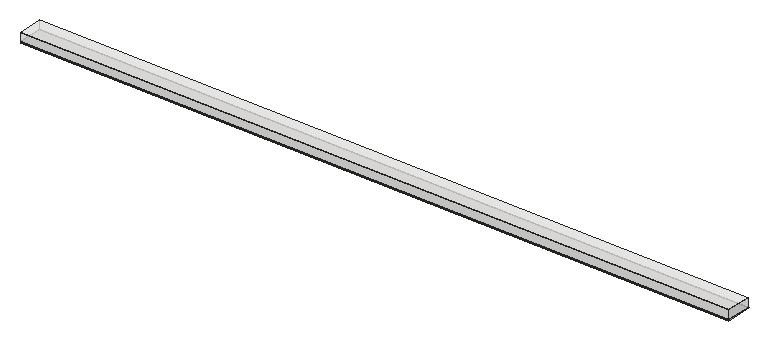
Revit family "Lighting - Luminii - LineLED - LLS36-WET - Array", category Lighting Fixtures, host Face, Revit 2020
Family settings
  Host = Face
  Round Connector Dimension = Use Diameter
  Part Type = Normal
  OmniClass Number = 23.80.70.11.14.21
  OmniClass Title = Spots and Tracklight Specialties
  Cut with Voids When Loaded = No
  Light Source = No
  Shared = Yes
  Room Calculation Point = No
Parameters (values of type "LineLED S36-WET")
  Width = 27/64"  # constant formula
  Wattage Comments = "2.9 W/ft"  # constant formula
  Warranty URL = "https://www.luminii.com/terms-conditions/"
  Voltage Comments = " 24 VDC"  # constant formula
  Voltage = 24 V  # constant formula
  Version = "2020 - v1.0a"  # constant formula
  URL = "https://www.luminii.com/"
  Support Phone = "224-699-9545"  # constant formula
  Support Email = "mailto:support@bimsmith.com"
  Product Page URL = "https://www.luminii.com/product/lineled-s36-wet-tube/"
  Product Name = "LineLED S36-WET"  # constant formula
  Product Documentation Link = "https://www.luminii.com/wp-content/uploads/z_special_catalog_products/products/lineled-s36-wet-tube/specsheets/LLS36-WET-Spec.pdf"
  Power Source Type = "Driver"  # constant formula
  Power Factor = 1
  Phase = 1
  Operating Temperature = "Consult Manufacturer Website for more Information"  # constant formula
  Number of Poles = if(and(or(Voltage = 120 V, Voltage = 277 V), Phase = 1), 1, if(and(or(Voltage = 208 V, Voltage = 240 V), Phase = 1), 2, if(and(or(Voltage = 208 V, Voltage = 240 V), Phase = 3), 3, if(and(Voltage > 300 V, Phase = 1), 2, if(and(Voltage > 400 V, Phase = 3), 3, 1)))))  # 1
  Mounting Method = "Surface Mount"  # constant formula
  Model = "LLS36-WET"
  Manufacturer Phone Number = "224-333-6033"  # constant formula
  Manufacturer Email = "mailto:info@luminii.com"
  Manufacturer Address = "7777 N Merrimac Ave, Niles, IL 60714"  # constant formula
  Manufacturer = "Luminii"  # constant formula
  Lumen Output = "142 lm/ft"  # constant formula
  Load Classification = Lighting
  Lens Material = Plastic - Luminii - Frosted Lens
  Length Comments [instance] = "Perfomance based on 1\" Photometric Web File, consult Manufacturer for custom sizes"  # constant formula
  Length [instance] = if(Desired Length < 12", 12", if(Desired Length > 192", 192", (round(Desired Length / 12")) * 12"))  # 12"
  Lamp Life = 1
  Lamp = "LED"  # constant formula
  Keynote = "26 50 00"
  Instruction Sheet Link = "https://www.luminii.com/wp-content/uploads/z_special_catalog_products/products/lineled-s36-wet-tube/install-guides/LLS36-Wet-Installation-Instruction.pdf"
  Initial Color Comments = "Perfomance based on 3000K Photometric Web File"  # constant formula
  Housing Protection Rating = "IP65 | IP67 | IP68"  # constant formula
  Has Dimming = 1 = 1  # yes
  Has Battery Backup = 0 = 1  # no
  Frequency Comments = ""  # constant formula
  Frequency = 60 Hz
  Finish = Metal - Luminii - Silver Anodized Aluminum
  Environment = "Indoor"  # constant formula
  Desired Length [instance] = 12"
  Description = "Linear LED strip - 24 VDC"  # constant formula
  Depth = 41/256"  # constant formula
  Default Elevation = 0"  # constant formula
  Current Amps = 50 A
  Copyright = "©2023 Luminii"  # constant formula
  built-in parameter 1114216 [instance] = 0  # (empty or 0)
  built-in parameter 1140040 [instance] = 1 = 1  # 1
  CCT = "3000K"
  C LED Number [instance] = Length / 1"  # 12
  Assembly Code = "D5020230"
  Apparent Load = 5 VA
Reference planes (in)
  plane 1 "Center (Front/Back)": y = 0
  plane 2: z = 0
  plane 3 "Center (Left/Right)": x = 0
  plane 4: x = -6
  plane 5: x = 6
  plane 6: y = 0.21094
  plane 7: y = -0.21094
  plane 8: z = 0.16016
  plane 9: z = 0.01
Forms (in)
  Extrusion 1, solid, material "Metal - Luminii - Silver Anodized Aluminum", not visible
    sketch origin (0, 0, 0) x (1, 0, 0) y (0, 1, 0)
      loop
        circle (0, 0) r 0.5
    from 0 to -0.17225
  Extrusion 2, solid, material "Metal - Luminii - Silver Anodized Aluminum" <- "Finish"
    sketch origin (0, 0, 0) x (1, 0, 0) y (0, 1, 0)
      loop
        line (-6, 0.21094) -> (-6, -0.21094) -> (6, -0.21094) -> (6, 0.21094) -> (-6, 0.21094)
    from 0 to 0.01
  Extrusion 3, solid, material "Plastic - Luminii - Frosted Lens" <- "Lens Material"
    sketch origin (0, 0, 0) x (1, 0, 0) y (0, 1, 0)
      loop
        line (-6, 0.21094) -> (-6, -0.21094) -> (6, -0.21094) -> (6, 0.21094) -> (-6, 0.21094)
    from 0.16016 to 0.01
Dimensions and locks (in)
  equal spacing: plane 4, plane 3 "Center (Left/Right)", plane 5
  equal spacing: plane 6, plane 1 "Center (Front/Back)", plane 7
  "Length": plane 4 to plane 5
  "Width": plane 6 to plane 7
  "Depth": plane 8 to plane 2
  equal spacing: group 1, group 3, group 4, group 5, group 6, group 7, group 8, group 9, group 10, group 11, group 12, group 2  (x3)
  aligned and locked: plane 2 to host face
  aligned and locked: plane 3 "Center (Left/Right)" to Extrusion 1 sketch curve
  aligned and locked: plane 1 "Center (Front/Back)" to Extrusion 1 sketch curve
  aligned and locked: plane 2 to Extrusion 1  (x2)
  aligned and locked: Extrusion 2 sketch curve to plane 6
  aligned and locked: plane 4 to Extrusion 2 sketch curve
  aligned and locked: plane 7 to Extrusion 2 sketch curve
  aligned and locked: Extrusion 2 sketch curve to plane 5
  aligned and locked: Extrusion 2 to level
  aligned and locked: plane 9 to Extrusion 2
  aligned and locked: Extrusion 3 sketch curve to Extrusion 2  (x4)
  aligned and locked: plane 8 to Extrusion 3
  aligned and locked: Extrusion 3 to Extrusion 2
  aligned and locked: plane 2 to nested 1
  aligned and locked: plane 1 "Center (Front/Back)" to nested 1
  aligned and locked: plane 4 to nested 1
  aligned and locked: plane 2 to nested 2
  aligned and locked: plane 5 to nested 2
  aligned and locked: plane 1 "Center (Front/Back)" to nested 2
Automatic sketch dimensions
  host sketch curve to host sketch curve = 96"  (x2)
  radius of Extrusion 1 sketch curve = 1/2"
Nested families (in)
  nested 1: "Lighting - Luminii - LineLED - LLS36-WET - Nested Light Source" at (-5.5, 0, 0), type "Default"
    with Length Comments "Perfomance based on 1\" Photometric Web File, consult Manufacturer for custom sizes", Length 1", Desired Length 1", built-in parameter 1114216 (empty or 0), built-in parameter 1140040 1
  nested 2: "Lighting - Luminii - LineLED - LLS36-WET - Nested Light Source" at (5.5, 0, 0), type "Default"
    with Length Comments "Perfomance based on 1\" Photometric Web File, consult Manufacturer for custom sizes", Length 1", Desired Length 1", built-in parameter 1114216 (empty or 0), built-in parameter 1140040 1
  nested 3: "Lighting - Luminii - LineLED - LLS36-WET - Nested Light Source" at (-4.5, 0, 0), type "Default"
    with Length Comments "Perfomance based on 1\" Photometric Web File, consult Manufacturer for custom sizes", Length 1", Desired Length 1", built-in parameter 1114216 (empty or 0), built-in parameter 1140040 1
  nested 4: "Lighting - Luminii - LineLED - LLS36-WET - Nested Light Source" at (-3.5, 0, 0), type "Default"
    with Length Comments "Perfomance based on 1\" Photometric Web File, consult Manufacturer for custom sizes", Length 1", Desired Length 1", built-in parameter 1114216 (empty or 0), built-in parameter 1140040 1
  nested 5: "Lighting - Luminii - LineLED - LLS36-WET - Nested Light Source" at (-2.5, 0, 0), type "Default"
    with Length Comments "Perfomance based on 1\" Photometric Web File, consult Manufacturer for custom sizes", Length 1", Desired Length 1", built-in parameter 1114216 (empty or 0), built-in parameter 1140040 1
  nested 6: "Lighting - Luminii - LineLED - LLS36-WET - Nested Light Source" at (-1.5, 0, 0), type "Default"
    with Length Comments "Perfomance based on 1\" Photometric Web File, consult Manufacturer for custom sizes", Length 1", Desired Length 1", built-in parameter 1114216 (empty or 0), built-in parameter 1140040 1
  nested 7: "Lighting - Luminii - LineLED - LLS36-WET - Nested Light Source" at (-0.5, 0, 0), type "Default"
    with Length Comments "Perfomance based on 1\" Photometric Web File, consult Manufacturer for custom sizes", Length 1", Desired Length 1", built-in parameter 1114216 (empty or 0), built-in parameter 1140040 1
  nested 8: "Lighting - Luminii - LineLED - LLS36-WET - Nested Light Source" at (0.5, 0, 0), type "Default"
    with Length Comments "Perfomance based on 1\" Photometric Web File, consult Manufacturer for custom sizes", Length 1", Desired Length 1", built-in parameter 1114216 (empty or 0), built-in parameter 1140040 1
  nested 9: "Lighting - Luminii - LineLED - LLS36-WET - Nested Light Source" at (1.5, 0, 0), type "Default"
    with Length Comments "Perfomance based on 1\" Photometric Web File, consult Manufacturer for custom sizes", Length 1", Desired Length 1", built-in parameter 1114216 (empty or 0), built-in parameter 1140040 1
  nested 10: "Lighting - Luminii - LineLED - LLS36-WET - Nested Light Source" at (2.5, 0, 0), type "Default"
    with Length Comments "Perfomance based on 1\" Photometric Web File, consult Manufacturer for custom sizes", Length 1", Desired Length 1", built-in parameter 1114216 (empty or 0), built-in parameter 1140040 1
  nested 11: "Lighting - Luminii - LineLED - LLS36-WET - Nested Light Source" at (3.5, 0, 0), type "Default"
    with Length Comments "Perfomance based on 1\" Photometric Web File, consult Manufacturer for custom sizes", Length 1", Desired Length 1", built-in parameter 1114216 (empty or 0), built-in parameter 1140040 1
  nested 12: "Lighting - Luminii - LineLED - LLS36-WET - Nested Light Source" at (4.5, 0, 0), type "Default"
    with Length Comments "Perfomance based on 1\" Photometric Web File, consult Manufacturer for custom sizes", Length 1", Desired Length 1", built-in parameter 1114216 (empty or 0), built-in parameter 1140040 1
Connectors (in)
  electrical at (0, 0, 0), driven by "Number of Poles", driven by "Load Classification", driven by "Voltage", driven by "Apparent Load", driven by "Power Factor"
    settings: on Extrusion 1, index 1, voltage 24 V, apparent load 5 VA, apparent load phase1 0 VA, apparent load phase2 0 VA, apparent load phase3 0 VA, power factor 1, load classification "Lighting", number of poles 1, system type 30, power factor state 1, is connector primary yes, connector utility no, sub classification motor no, connector description "Power Connection"
Definition of nested family "Lighting - Luminii - LineLED - LLS36-WET - Nested Light Source"
  Parameters (values of type "Default")
    Width = 27/64"  # constant formula
    Wattage Comments = "2.9 W/ft"  # constant formula
    Wattage = 5 W
    Warranty URL = "https://www.luminii.com/terms-conditions/"
    built-in parameter 1150110 = 1 (stored number, unit not read)
    Voltage Comments = " 24 VDC"  # constant formula
    Voltage = 24 V  # constant formula
    Version = "2020 - v1.0a"  # constant formula
    URL = "https://www.luminii.com/"
    built-in parameter 1114217 = 1 (stored number, unit not read)
    Tilt Angle = -90.00°  # constant formula
    built-in parameter 1150109 = 1 (stored number, unit not read)
    built-in parameter 1150134 = (empty or 0)
    built-in parameter 1150113 = 1 (stored number, unit not read)
    Support Phone = "224-699-9545"  # constant formula
    Support Email = "mailto:support@bimsmith.com"
    Product Page URL = "https://www.luminii.com/product/lineled-s36-wet-tube/"
    Product Name = "LineLED S36-WET"  # constant formula
    Product Documentation Link = "https://www.luminii.com/wp-content/uploads/z_special_catalog_products/products/lineled-s36-wet-tube/specsheets/LLS36-WET-Spec.pdf"
    Power Source Type = "Driver"  # constant formula
    Power Factor = 1
    Photometric Web File = ""
    Phase = 1
    Operating Temperature = "Consult Manufacturer Website for more Information"  # constant formula
    Number of Poles = if(and(or(Voltage = 120 V, Voltage = 277 V), Phase = 1), 1, if(and(or(Voltage = 208 V, Voltage = 240 V), Phase = 1), 2, if(and(or(Voltage = 208 V, Voltage = 240 V), Phase = 3), 3, if(and(Voltage > 300 V, Phase = 1), 2, if(and(Voltage > 400 V, Phase = 3), 3, 1)))))  # 1
    Mounting Method = "Surface Mount"  # constant formula
    Model = "LLS36-WET"
    Manufacturer Phone Number = "224-333-6033"  # constant formula
    Manufacturer Email = "mailto:info@luminii.com"
    Manufacturer Address = "7777 N Merrimac Ave, Niles, IL 60714"  # constant formula
    Manufacturer = "Luminii"  # constant formula
    built-in parameter 1150105 = 79.989 (stored number, unit not read)
    Lumens = 245 lm
    built-in parameter 1150115 = 1 (stored number, unit not read)
    Lumen Output = "142 lm/ft"  # constant formula
    Load Classification = none
    built-in parameter 1150137 = (empty or 0)
    built-in parameter 1150139 = (empty or 0)
    Lens Material = none
    Length Comments [instance] = "Perfomance based on 1\" Photometric Web File, consult Manufacturer for custom sizes"  # constant formula
    Length [instance] = 1"  # constant formula
    built-in parameter 1150112 = 1 (stored number, unit not read)
    built-in parameter 1150114 = 1 (stored number, unit not read)
    Lamp Life = 1
    Lamp = "LED"  # constant formula
    Keynote = "26 50 00"
    Instruction Sheet Link = "https://www.luminii.com/wp-content/uploads/z_special_catalog_products/products/lineled-s36-wet-tube/install-guides/LLS36-Wet-Installation-Instruction.pdf"
    built-in parameter 1150132 = (empty or 0)
    built-in parameter 1150102 = (empty or 0)
    built-in parameter 1150107 = 3000 (stored number, unit not read)
    Initial Color Comments = "Perfomance based on 3000K Photometric Web File"  # constant formula
    built-in parameter 1150138 = (empty or 0)
    built-in parameter 1150106 = 0.79989 (stored number, unit not read)
    Housing Protection Rating = "IP65 | IP67 | IP68"  # constant formula
    Has Dimming = 1 = 1  # yes
    Has Battery Backup = 0 = 1  # no
    Frequency Comments = ""  # constant formula
    Frequency = 60 Hz
    Finish = none
    Environment = "Indoor"  # constant formula
    Emit from Rectangle Width = Width  # 27/64"
    Emit from Rectangle Length = 1"
    Emit Shape Visible in Rendering = yes
    built-in parameter 1150104 = 4.5522 (stored number, unit not read)
    Dimming Lamp Color Temperature Shift = (empty or 0)
    Desired Length [instance] = 1"
    Description = "Linear LED strip - 24 VDC"  # constant formula
    Depth = 41/256"  # constant formula
    Default Elevation = 0"  # constant formula
    Current Amps = 50 A
    Copyright = "©2023 Luminii"  # constant formula
    Color Filter = 16777215
    built-in parameter 1114216 [instance] = 0  # (empty or 0)
    built-in parameter 1140040 [instance] = 1 = 1  # 1
    CCT = "3000K"
    built-in parameter 1114218 = 1 (stored number, unit not read)
    built-in parameter 1150133 = 10 (stored number, unit not read)
    Assembly Code = "D5020230"
    Apparent Load = Wattage / Power Factor  # 5 VA
  Reference planes (in)
    plane 1 "Center (Front/Back)": y = 0
    plane 2: z = 0
    plane 3 "Center (Left/Right)": x = 0
    plane 4: x = -0.5
    plane 5: x = 0.5
    plane 6: y = 0.21094
    plane 7: y = -0.21094
    plane 8: z = 0.16016
    plane 9: z = 0.01
  Forms (in)
    Extrusion 1, solid
      sketch origin (0, 0, 0) x (1, 0, 0) y (0, 1, 0)
        loop
          line (-48, 48) -> (-48, -48) -> (48, -48) -> (48, 48) -> (-48, 48)
      from 0 to -12
    Extrusion 2, solid, not visible
      sketch origin (0, 0, 0) x (1, 0, 0) y (0, 1, 0)
        loop
          circle (0, 0) r 0.5
      from 0 to -0.17225
  Dimensions and locks (in)
    equal spacing: plane 4, plane 3 "Center (Left/Right)", plane 5
    equal spacing: plane 6, plane 1 "Center (Front/Back)", plane 7
    "Length": plane 4 to plane 5
    "Width": plane 6 to plane 7
    "Depth": plane 8 to plane 2
    aligned and locked: plane 2 to Extrusion 1
    aligned and locked: plane 3 "Center (Left/Right)" to Extrusion 2 sketch curve
    aligned and locked: plane 1 "Center (Front/Back)" to Extrusion 2 sketch curve
    aligned and locked: plane 2 to Extrusion 2  (x2)
    aligned and locked: imposter light to plane 3 "Center (Left/Right)"
    aligned and locked: imposter light to plane 1 "Center (Front/Back)"
    aligned and locked: imposter light to plane 8
  Automatic sketch dimensions
    Extrusion 1 sketch curve to Extrusion 1 sketch curve = 96"  (x2)
    radius of Extrusion 2 sketch curve = 1/2"
  Connectors (in)
    electrical at (0, 0, 0), driven by "Number of Poles", driven by "Load Classification", driven by "Voltage", driven by "Apparent Load", driven by "Power Factor"
      settings: on Extrusion 2, index 1, voltage 24 V, apparent load 5 VA, apparent load phase1 0 VA, apparent load phase2 0 VA, apparent load phase3 0 VA, power factor 1, load classification none, number of poles 1, system type 30, power factor state 1, is connector primary yes, connector utility no, sub classification motor no, connector description "Power Connection"
